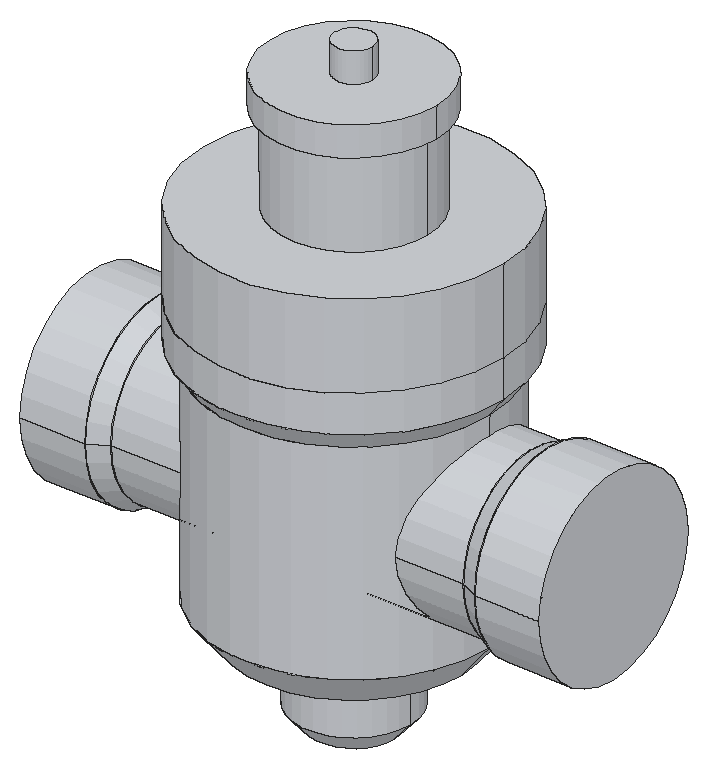
Revit family "VSX21P_DN20_PN16_RFA_2019", category Pipe Accessories, Revit 2019
Family settings
  Round Connector Dimension = Use Diameter
  Part Type = Valve - Breaks Into
  Work Plane-Based = No
  Always vertical = Yes
  Cut with Voids When Loaded = No
  Shared = No
Parameters (values of type "VSX21P G3/4  PN16 kvs2,5")
  magiProductId = ""
  magiProductFamilyId = ""
  magiPartTypeId = 306
  isMeasuringValve [instance] = no
  ang2D [instance] = 0.00°
  Z8 = 4 mm
  Z7__ve = -Z7  # -3.2 mm
  Z7 = 3.2 mm
  Z5 = 9.1 mm
  Z3 = 2 mm
  Z2 = 4.8 mm
  Z1 = 3.6 mm
  X4__ve = -X4  # -7 mm
  X4 = 7 mm
  X3 = 38 mm
  W2D = 15 mm
  VersionID = ""
  Use Minimum Symbol Size [instance] = yes
  URL = "www.hydronix.cz"
  Type Comments = "Závitový, vnější závit, ploché těsnění; LIN charakteristika; PN16; +5~+95°C; max.rychlost proudění 3,0 m/s"
  R9 = 9 mm
  R8 = 2 mm
  R7 = 16.17 mm
  R6 = 11.76 mm
  R5 = 7.409 mm
  R4 = 6.174 mm
  R3 = 4.41 mm
  R2 = 14.7 mm
  R10 = 8 mm
  R1 = 9 mm
  QmdConnectorList = "301;D;302;D"
  Productdata [instance] = ""
  Manufacturer = "Hydronix"
  MC Product Code = "VSX21P (G3/4\"; dpmax=150kPa; kvs 2,5)"
  LT2 = 21 mm
  L2D_Min = 3048 mm
  L2D = 38 mm
  H1 = 22.5 mm
  H = 26 mm
  E = 16 mm
  Description = "2 cestný regulační ventil malých spotřebičů, DN20; zdvih 2,5mm; max dp 150kPa; kvs2,5"
  DT2 = 10 mm
  D = 20 mm
  CAT0 = yes
  C = 24 mm
Types (8, lengths in mm): name | Z5 | Z2 | Z1 | X3 | R7 | R6 | R5 | R4 | R3 | R2 | R1 | MC Product Code | LT2 | H | Description | DT2 | D | C
  VSX09P G1/2  PN16 kvs0,25 | 9.45 | 4.6 | 3.45 | 34 | 14.63 | 10.64 | 6.703 | 5.586 | 3.99 | 13.3 | 6.75 | "VSX09P (G1/2\"; dpmax=250kPa; kvs 0,25)" | 19 | 27 | "2 cestný regulační ventil malých spotřebičů, DN15; zdvih 2,5mm; max dp 250kPa; kvs0,25" | 7.5 | 15 | 23
  VSX10P G1/2  PN16 kvs0,4 | 9.45 | 4.6 | 3.45 | 34 | 14.63 | 10.64 | 6.703 | 5.586 | 3.99 | 13.3 | 6.75 | "VSX10P (G1/2\"; dpmax=250kPa; kvs 0,4)" | 19 | 27 | "2 cestný regulační ventil malých spotřebičů, DN15; zdvih 2,5mm; max dp 250kPa; kvs0,4" | 7.5 | 15 | 23
  VSX11P G1/2  PN16 kvs0,6 | 9.45 | 4.6 | 3.45 | 34 | 14.63 | 10.64 | 6.703 | 5.586 | 3.99 | 13.3 | 6.75 | "VSX11P (G1/2\"; dpmax=250kPa; kvs 0,6)" | 19 | 27 | "2 cestný regulační ventil malých spotřebičů, DN15; zdvih 2,5mm; max dp 250kPa; kvs0,6" | 7.5 | 15 | 23
  VSX12P G1/2  PN16 kvs1,0 | 9.45 | 4.6 | 3.45 | 34 | 14.63 | 10.64 | 6.703 | 5.586 | 3.99 | 13.3 | 6.75 | "VSX12P (G1/2\"; dpmax=250kPa; kvs 1,0)" | 19 | 27 | "2 cestný regulační ventil malých spotřebičů, DN15; zdvih 2,5mm; max dp 250kPa; kvs1,0" | 7.5 | 15 | 23
  VSX13P G1/2  PN16 kvs1,6 | 9.45 | 4.6 | 3.45 | 34 | 14.63 | 10.64 | 6.703 | 5.586 | 3.99 | 13.3 | 6.75 | "VSX13P (G1/2\"; dpmax=250kPa; kvs 1,6)" | 19 | 27 | "2 cestný regulační ventil malých spotřebičů, DN15; zdvih 2,5mm; max dp 250kPa; kvs1,6" | 7.5 | 15 | 23
  VSX21P G3/4  PN16 kvs2,5 | 9.1 | 4.8 | 3.6 | 38 | 16.17 | 11.76 | 7.409 | 6.174 | 4.41 | 14.7 | 9 | "VSX21P (G3/4\"; dpmax=150kPa; kvs 2,5)" | 21 | 26 | "2 cestný regulační ventil malých spotřebičů, DN20; zdvih 2,5mm; max dp 150kPa; kvs2,5" | 10 | 20 | 24
  VSX24P G3/4  PN16 kvs4,0 | 9.1 | 4.8 | 3.6 | 38 | 16.17 | 11.76 | 7.409 | 6.174 | 4.41 | 14.7 | 9 | "VSX24P (G3/4\"; dpmax=150kPa; kvs 4,0)" | 21 | 26 | "2 cestný regulační ventil malých spotřebičů, DN20; zdvih 2,5mm; max dp 150kPa; kvs4,0" | 10 | 20 | 24
  VSX26P G3/4  PN16 kvs6,0 | 9.1 | 4.8 | 3.6 | 38 | 16.17 | 11.76 | 7.409 | 6.174 | 4.41 | 14.7 | 9 | "VSX26P (G3/4\"; dpmax=150kPa; kvs 6,0)" | 21 | 26 | "2 cestný regulační ventil malých spotřebičů, DN20; zdvih 2,5mm; max dp 150kPa; kvs6,0" | 10 | 20 | 24
Reference planes
  plane 1 "Center (Front/Back)": y = 0
  plane 2 "XYPLANE": z = 0
  plane 3 "Center (Left/Right)": x = 0
  plane 4 "271": z = 35.6
  plane 5 "254": z = 10.9
  plane 6 "253": z = 16.9
  plane 7 "148": z = 38.8
  plane 8 "132": z = 42
  plane 9 "62": z = 12.9
  plane 10 "53": z = 26
  plane 11 "52": z = -11.6
  plane 12 "48": z = -15.2
  plane 13 "47": z = -17.2
  plane 14 "38": z = -22
  plane 15 "37": x = 19
  plane 16 "36": x = 21
  plane 17 "23": z = -24
  plane 18 "19": x = -19
  plane 19 "15": x = -21
  plane 20 "6": x = 28
  plane 21 "5": x = -28
  plane 22 "3": z = 0
  plane 23 "2": y = 0
  plane 24 "1": x = 0
Forms (mm)
  Extrusion 1, solid, visible <- "CAT0"
    sketch origin (-750, 0, 42) x (1, 0, 0) y (0, 1, 0)
      loop
        circle (750, 0) r 2
    from 0 to -3.2 <- "Z7__ve"
  Extrusion 2, solid, visible <- "CAT0"
    sketch origin (-750, 0, 35.6) x (1, 0, 0) y (0, 1, 0)
      loop
        circle (750, 0) r 8
    from 0 to -19
  Extrusion 3, solid, visible <- "CAT0"
    sketch origin (-19, -750, 0) x (0, 1, 0) y (0, 0, 1)
      loop
        circle (750, 0) r 9
    from 0 to 38 <- "X3"
  Extrusion 4, solid
    sketch origin (-750, 0, 12.9) x (1, 0, 0) y (0, 1, 0)
      loop
        circle (750, 0) r 16.17
    from 0 to 4 <- "Z8"
  Extrusion 5, solid
    sketch origin (-750, 0, 38.8) x (1, 0, 0) y (0, 1, 0)
      loop
        circle (750, 0) r 9
    from 0 to -3.2 <- "Z7__ve"
  Extrusion 6, solid
    sketch origin (-750, 0, 16.9) x (1, 0, 0) y (0, 1, 0)
      loop
        circle (750, 0) r 16.17
    from 0 to 9.1 <- "Z5"
  Blend 7, solid
    base sketch origin (-750, 0, 10.9) x (1, 0, 0) y (0, 1, 0)
      loop
        circle (750, 0) r 14.7
    top sketch origin (-750, 0, 10.9) x (1, 0, 0) y (0, 1, 0)
      loop
        circle (750, 0) r 16.17
    from 0 to 2
  Blend 8, solid
    base sketch origin (-750, 0, -11.6) x (1, 0, 0) y (0, 1, 0)
      loop
        circle (750, 0) r 14.7
    top sketch origin (-750, 0, -11.6) x (1, 0, 0) y (0, 1, 0)
      loop
        circle (750, 0) r 11.76
    from 0 to -3.6
  Blend 9, solid
    base sketch origin (-750, 0, -15.2) x (1, 0, 0) y (0, 1, 0)
      loop
        circle (750, 0) r 7.409
    top sketch origin (-750, 0, -15.2) x (1, 0, 0) y (0, 1, 0)
      loop
        circle (750, 0) r 6.174
    from 0 to -2
  Extrusion 10, solid
    sketch origin (-750, 0, -22) x (1, 0, 0) y (0, 1, 0)
      loop
        circle (750, 0) r 6.174
    from 0 to 4.8 <- "Z2"
  Blend 11, solid
    base sketch origin (-750, 0, -24) x (1, 0, 0) y (0, 1, 0)
      loop
        circle (750, 0) r 4.41
    top sketch origin (-750, 0, -24) x (1, 0, 0) y (0, 1, 0)
      loop
        circle (750, 0) r 6.174
    from 0 to 2
  Extrusion 12, solid
    sketch origin (28, -750, 0) x (0, 1, 0) y (0, 0, 1)
      loop
        circle (750, 0) r 10
    from 0 to -7 <- "X4__ve"
  Blend 13, solid
    base sketch origin (21, -750, 0) x (0, 1, 0) y (0, 0, 1)
      loop
        circle (750, 0) r 10
    top sketch origin (21, -750, 0) x (0, 1, 0) y (0, 0, 1)
      loop
        circle (750, 0) r 9
    from 0 to -2
  Extrusion 14, solid
    sketch origin (-750, 0, -11.6) x (1, 0, 0) y (0, 1, 0)
      loop
        circle (750, 0) r 14.7
    from 0 to 22.5 <- "H1"
  Blend 15, solid
    base sketch origin (-21, -750, 0) x (0, 1, 0) y (0, 0, 1)
      loop
        circle (750, 0) r 10
    top sketch origin (-21, -750, 0) x (0, 1, 0) y (0, 0, 1)
      loop
        circle (750, 0) r 9
    from 0 to 2
  Extrusion 16, solid
    sketch origin (-28, -750, 0) x (0, 1, 0) y (0, 0, 1)
      loop
        circle (750, 0) r 10
    from 0 to 7 <- "X4"
  Extrusion 17, solid, not visible
    sketch origin (21, -750, 0) x (0, 1, 0) y (0, 0, 1)
      loop
        circle (750, 0) r 10
    from 0 to -10
  Extrusion 18, solid, not visible
    sketch origin (-21, -750, 0) x (0, 1, 0) y (0, 0, 1)
      loop
        circle (750, 0) r 10
    from 0 to 10
Lines and regions (mm)
  reference lines, not visible
    curve 1: circle (2, 2, 0) r 1 normal (0, 0, 1)
Dimensions and locks
  plane 1 "Center (Front/Back)" to curve 1 = 2 mm
  "Z7": plane 7 "148" to plane 4 "271"
  "Z3": plane 9 "62" to plane 5 "254"
  "Z5": plane 10 "53" to plane 6 "253"
  "Z7": plane 8 "132" to plane 7 "148"
  "E": plane 10 "53" to plane 8 "132"
  "Z8": plane 6 "253" to plane 9 "62"
  "H": plane 2 "XYPLANE" to plane 10 "53"
  "Z1": plane 12 "48" to plane 11 "52"
  "Z3": plane 13 "47" to plane 12 "48"
  "Z2": plane 14 "38" to plane 13 "47"
  "Z3": plane 17 "23" to plane 14 "38"
  locked: plane 16 "36" to plane 15 "37" at 2
  "LT2": plane 3 "Center (Left/Right)" to plane 16 "36"
  "C": plane 2 "XYPLANE" to plane 17 "23"
  locked: plane 19 "15" to plane 18 "19" at 2
  "LT2": plane 3 "Center (Left/Right)" to plane 19 "15"
  "X4": plane 16 "36" to plane 20 "6"
  "X4": plane 19 "15" to plane 21 "5"
  locked: plane 2 "XYPLANE" to plane 22 "3"
  locked: plane 1 "Center (Front/Back)" to plane 23 "2"
  locked: plane 3 "Center (Left/Right)" to plane 24 "1"
  "R8": radius of Extrusion 1 sketch curve
  "R10": radius of Extrusion 2 sketch curve
  "R1": radius of Extrusion 3 sketch curve
  "R7": radius of Extrusion 4 sketch curve
  "R9": radius of Extrusion 5 sketch curve
  "R7": radius of Extrusion 6 sketch curve
  "R7": radius of Blend 7 sketch curve
  "R2": radius of Blend 7 sketch curve
  "R6": radius of Blend 8 sketch curve
  "R2": radius of Blend 8 sketch curve
  "R4": radius of Blend 9 sketch curve
  "R5": radius of Blend 9 sketch curve
  "R4": radius of Extrusion 10 sketch curve
  "R4": radius of Blend 11 sketch curve
  "R3": radius of Blend 11 sketch curve
  "DT2": radius of Extrusion 12 sketch curve
  "R1": radius of Blend 13 sketch curve
  "DT2": radius of Blend 13 sketch curve
  "R2": radius of Extrusion 14 sketch curve
  "R1": radius of Blend 15 sketch curve
  "DT2": radius of Blend 15 sketch curve
  "DT2": radius of Extrusion 16 sketch curve
  aligned and locked: level to plane 2 "XYPLANE"
  aligned and locked: plane 23 "2" to Extrusion 1 sketch curve
  aligned and locked: plane 24 "1" to Extrusion 1 sketch curve
  aligned and locked: plane 23 "2" to Extrusion 2 sketch curve
  aligned and locked: plane 24 "1" to Extrusion 2 sketch curve
  aligned and locked: plane 22 "3" to Extrusion 3 sketch curve
  aligned and locked: Extrusion 3 sketch curve to plane 23 "2"
  aligned and locked: plane 23 "2" to Extrusion 4 sketch curve
  aligned and locked: plane 24 "1" to Extrusion 4 sketch curve
  aligned and locked: plane 23 "2" to Extrusion 5 sketch curve
  aligned and locked: plane 24 "1" to Extrusion 5 sketch curve
  aligned and locked: plane 23 "2" to Extrusion 6 sketch curve
  aligned and locked: plane 24 "1" to Extrusion 6 sketch curve
  aligned and locked: plane 23 "2" to Blend 7 sketch curve  (x2)
  aligned and locked: plane 24 "1" to Blend 7 sketch curve  (x2)
  aligned and locked: plane 9 "62" to Blend 7
  aligned and locked: plane 23 "2" to Blend 8 sketch curve  (x2)
  aligned and locked: plane 24 "1" to Blend 8 sketch curve  (x2)
  aligned and locked: Blend 8 to plane 12 "48"
  aligned and locked: plane 23 "2" to Blend 9 sketch curve  (x2)
  aligned and locked: plane 24 "1" to Blend 9 sketch curve  (x2)
  aligned and locked: Blend 9 to plane 13 "47"
  aligned and locked: plane 23 "2" to Extrusion 10 sketch curve
  aligned and locked: plane 24 "1" to Extrusion 10 sketch curve
  aligned and locked: plane 23 "2" to Blend 11 sketch curve  (x2)
  aligned and locked: plane 24 "1" to Blend 11 sketch curve  (x2)
  aligned and locked: plane 14 "38" to Blend 11
  aligned and locked: plane 22 "3" to Extrusion 12 sketch curve
  aligned and locked: Extrusion 12 sketch curve to plane 23 "2"
  aligned and locked: plane 22 "3" to Blend 13 sketch curve  (x2)
  aligned and locked: Blend 13 sketch curve to plane 23 "2"  (x2)
  aligned and locked: Blend 13 to plane 15 "37"
  aligned and locked: plane 23 "2" to Extrusion 14 sketch curve
  aligned and locked: plane 24 "1" to Extrusion 14 sketch curve
  aligned and locked: plane 22 "3" to Blend 15 sketch curve  (x2)
  aligned and locked: Blend 15 sketch curve to plane 23 "2"  (x2)
  aligned and locked: plane 18 "19" to Blend 15
  aligned and locked: plane 22 "3" to Extrusion 16 sketch curve
  aligned and locked: Extrusion 16 sketch curve to plane 23 "2"
  aligned and locked: plane 22 "3" to Extrusion 17 sketch curve
  aligned and locked: Extrusion 17 sketch curve to plane 23 "2"
  aligned and locked: plane 22 "3" to Extrusion 18 sketch curve
  aligned and locked: Extrusion 18 sketch curve to plane 23 "2"
Automatic sketch dimensions
  plane 1 "Center (Front/Back)" to Extrusion 17 sketch curve = 10 mm
  plane 1 "Center (Front/Back)" to Extrusion 18 sketch curve = 10 mm
  plane 3 "Center (Left/Right)" to curve 1 = 2 mm
  radius of curve 1 = 1 mm
Connectors
  piping at (-21, 0, 0), diameter 20, driven by "D"
    settings: on Extrusion 18, index 1, connector inside diameter 609.6 mm, connector length 0 mm, flow factor 0, pipe flow 0.0 L/s, pressure drop 0.0 Pa, fitting loss kfactor 0, connector angle 0.00°, fixture units 0, engagement length 0 mm, angle of deflection 0.00°, flow configuration 0, flow direction 0, fitting loss method 0, system type 29, joint type 0, gender type 0, connector reference index 2, connector utility 0, adjustable connector no, is connector primary yes, connector description ""
  piping at (21, 0, 0), diameter 20, driven by "D"
    settings: on Extrusion 17, index 2, connector inside diameter 609.6 mm, connector length 0 mm, flow factor 0, pipe flow 0.0 L/s, pressure drop 0.0 Pa, fitting loss kfactor 0, connector angle 0.00°, fixture units 0, engagement length 0 mm, angle of deflection 0.00°, flow configuration 0, flow direction 0, fitting loss method 0, system type 29, joint type 0, gender type 0, connector reference index 1, connector utility 0, adjustable connector no, is connector primary no, connector description ""
